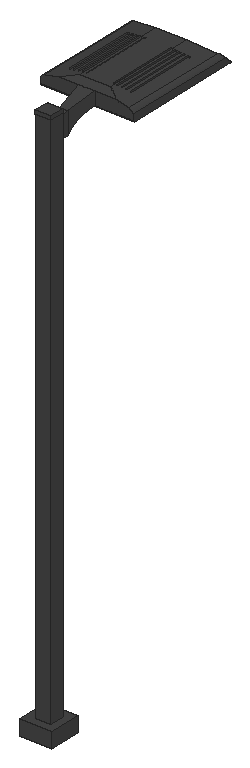
Revit family "ALT180", category Lighting Fixtures, Revit 2014
Parameters (values of type "ALT180")
  Width = 14.00"
  Wattage Comments = "214W"
  Voltage = 277 V
  URL = "https://www.hubbell.com/kimlighting/en"
  Type Comments = "Lighting Fixture"  # constant formula
  Series = "Altitude"  # constant formula
  Product Page URL = "https://www.hubbell.com/kimlighting/en/Products/Lighting-Controls/Commercial-Outdoor-Lighting/Area-Site-Roadway/Altitude/p/248453"
  Product Documentation Link = "https://hubbellcdn.com/specsheet/kl_alt180_spec.pdf"
  Power Factor = 1
  Pole Width = 4.00"
  Pole Height [instance] = 150.00"
  Pole = yes
  Photometric Web Link = "https://www.hubbell.com/kimlighting/en/Products/Lighting-Controls/Commercial-Outdoor-Lighting/Area-Site-Roadway/Altitude/p/248453#prod-photometry-section"
  Photometric Notes = "More IES files download on Photometric Web Link"  # constant formula
  Offset From Pole = 6.12"
  Number of Poles = 1
  Model = "ALT180"
  Manufacturer = "KIM Lighting"  # constant formula
  Light source [instance] = Pole Height - 3.50"  # 146.50"
  Lens = Glass - Hubbell -  Lens
  Lamp = "default"
  LED = Powder Coat-Kim-Platinum Silver
  Fixture Height = 7.50"
  Finish = Plastic - Hubbell - Black
  Description = "The ALTITUDE® is the ultimate in luminaire design innovation with a unique balance of form, engineering and superior optics. The low-profile housing is proportional and scalable with three sizes to cover more pedestrian/site/roadway environments than ever before. The result is an architecturally relevant luminaire of unsurpassed quality and flexibility that maximizes the power and performance."  # constant formula
  Depth = 18.44"
  Certifications = "UL Listed"
  Center Width = 3.00"
  Assembly Code = "D5020200"
  Apparent Load = 214 VA
Reference planes (in)
  plane 1 "Light Source Axis (F/B)": y = 0
  plane 2: z = 0
  plane 3 "Light Source Axis (L/R)": x = 1.5
  plane 4 "Light Source Elevation": z = 146.5
  plane 5 "Back": y = -15.34
Dimensions and locks (in)
  "Light source": plane 4 "Light Source Elevation" to plane 2
  aligned and locked: nested 1 to plane 3 "Light Source Axis (L/R)"
  aligned and locked: nested 1 to plane 5 "Back"
  aligned and locked: plane 4 "Light Source Elevation" to nested 2
Nested families (in)
  nested 1: "Kim_Lighting-Square_Pole" at (1.5, -17.34, 0) x (-1, 0, 0) z (0, 0, 1), visible <- "Pole", type "Kim_Lighting-Square_Pole"
    with Width 4.00", Height 150.00", Base Cover 8.625"
  nested 2: "ALT" at (0.24657, -15.34, 142.58501) x (-1, 0, 0) z (0, 1, 0), type "ALT"
Connectors (in)
  electrical at (1.5, -15.34, 18), driven by "Power Factor", driven by "Apparent Load", driven by "Apparent Load", driven by "Voltage", driven by "Number of Poles"
    settings: on nested 1, index 1, voltage 277 V, apparent load 214 VA, apparent load phase1 214 VA, apparent load phase2 0 VA, apparent load phase3 0 VA, power factor 1, load classification "Lighting", number of poles 1, system type 30, power factor state 1, is connector primary yes, connector utility no, sub classification motor no, connector description "Lighting Connector"
Definition of nested family "Kim_Lighting-Square_Pole"
  Parameters
    Width = 5.00"
    URL = "http://www.kimlighting.com/"
    Type Comments = "Non-Tapered Pole"
    Model = "Square Pole"  # constant formula
    Manufacturer = "KIM Lighting"  # constant formula
    Height = 240.00"
    Finish = none
    Base Cover = if(Width = 5.00", 12.625", 8.625")  # 12.625"
  Reference planes (in)
    plane 1 "Center (Front/Back)": y = 0
    plane 2: z = 0
    plane 3 "Center (Left/Right)": x = 0
    plane 4 "Front": y = -2.5
    plane 5 "Left": x = -2.5
    plane 6 "Right": x = 2.5
    plane 7 "Back": y = 2.5
    plane 8 "Top": z = 240
    plane 9: x = -6.3125
    plane 10: x = 6.3125
    plane 11: y = 6.3125
    plane 12: y = -6.3125
    plane 13: z = 18
  Forms (in)
    Extrusion 1, solid, material <- "Finish"
      sketch origin (0, 0, 0) x (1, 0, 0) y (0, 1, 0)
        loop
          line (-2.5, -2.5) -> (2.5, -2.5) -> (2.5, 2.5) -> (-2.5, 2.5) -> (-2.5, -2.5)
      from 0 to 240
    Extrusion 2, solid, material <- "Finish", detail levels medium+fine
      sketch origin (0, 0, 0) x (1, 0, 0) y (0, 1, 0)
        loop
          line (-6.3125, -6.3125) -> (6.3125, -6.3125) -> (6.3125, 6.3125) -> (-6.3125, 6.3125) -> (-6.3125, -6.3125)
        loop
          line (-2.5, -2.5) -> (2.5, -2.5) -> (2.5, 2.5) -> (-2.5, 2.5) -> (-2.5, -2.5)
      from 0 to 4
    Extrusion 3, solid, material <- "Finish", detail levels fine
      sketch origin (0, 0, 0) x (1, 0, 0) y (0, 0, 1)
        loop
          line (-1.5, 15) -> (1.5, 15) -> (1.5, 21) -> (-1.5, 21) -> (-1.5, 15)
      from 2.5 to 2.5625
    Extrusion 4, solid, material <- "Finish", detail levels fine
      sketch origin (0, 0, 240) x (-1, 0, 0) y (0, -1, 0)
        loop
          line (2.5625, 2.5625) -> (-2.5625, 2.5625) -> (-2.5625, -2.5625) -> (2.5625, -2.5625) -> (2.5625, 2.5625)
      from 0.10394 to -0.89606
  Lines and regions (in)
    Masking region 1
      outline origin (0, 0, 0) x (1, 0, 0) y (0, 0, 1)
        loop
          line (-2.5, 0) -> (2.5, 0) -> (2.5, 240) -> (-2.5, 240) -> (-2.5, 0)
    Masking region 2, detail levels medium+fine
      outline origin (0, 0, 0) x (1, 0, 0) y (0, 0, 1)
        loop
          line (-6.3125, 0) -> (6.3125, 0) -> (6.3125, 4) -> (-6.3125, 4) -> (-6.3125, 0)
    Masking region 3, detail levels fine
      outline origin (0, 0, 0) x (1, 0, 0) y (0, 0, 1)
        loop
          line (-2.5625, 239.10394) -> (2.5625, 239.10394) -> (2.5625, 240.10394) -> (-2.5625, 240.10394) -> (-2.5625, 239.10394)
    Masking region 4
      outline origin (0, 0, 0) x (0, 1, 0) y (0, 0, 1)
        loop
          line (2.5, 0) -> (2.5, 240) -> (-2.5, 240) -> (-2.5, 0) -> (2.5, 0)
    Masking region 5, detail levels medium+fine
      outline origin (0, 0, 0) x (0, 1, 0) y (0, 0, 1)
        loop
          line (6.3125, 0) -> (6.3125, 4) -> (-6.3125, 4) -> (-6.3125, 0) -> (6.3125, 0)
    Masking region 6, detail levels fine
      outline origin (0, 0, 0) x (0, 1, 0) y (0, 0, 1)
        loop
          line (2.5625, 239.10394) -> (2.5625, 240.10394) -> (-2.5625, 240.10394) -> (-2.5625, 239.10394) -> (2.5625, 239.10394)
    Masking region 7, detail levels medium+fine
      outline origin (0, 0, 0) x (1, 0, 0) y (0, 1, 0)
        loop
          line (-6.3125, -6.3125) -> (6.3125, -6.3125) -> (6.3125, 6.3125) -> (-6.3125, 6.3125) -> (-6.3125, -6.3125)
        loop
          line (-2.5, -2.5) -> (2.5, -2.5) -> (2.5, 2.5) -> (-2.5, 2.5) -> (-2.5, -2.5)
    Masking region 8
      outline origin (0, 0, 0) x (1, 0, 0) y (0, 1, 0)
        loop
          line (-2.5, -2.5) -> (2.5, -2.5) -> (2.5, 2.5) -> (-2.5, 2.5) -> (-2.5, -2.5)
    symbolic lines, detail levels fine
      curve 1: line (-1.5, 0, 15) -> (1.5, 0, 15)
      curve 2: line (-1.5, 0, 21) -> (-1.5, 0, 15)
      curve 3: line (1.5, 0, 21) -> (-1.5, 0, 21)
      curve 4: line (1.5, 0, 15) -> (1.5, 0, 21)
  Dimensions and locks (in)
    equal spacing: plane 7 "Back", plane 1 "Center (Front/Back)", plane 4 "Front"
    equal spacing: plane 5 "Left", plane 3 "Center (Left/Right)", plane 6 "Right"
    "Width": plane 7 "Back" to plane 4 "Front"
    "Width": plane 5 "Left" to plane 6 "Right"
    plane 3 "Center (Left/Right)" to Extrusion 1 = 2.50"
    "Height": plane 8 "Top" to level
    equal spacing: plane 11, plane 1 "Center (Front/Back)", plane 12
    "Base Cover": plane 11 to plane 12
    equal spacing: plane 9, plane 3 "Center (Left/Right)", plane 10
    "Base Cover": plane 9 to plane 10
    locked: Extrusion 2 to level at 4
    locked: plane 13 to level at 18
    Extrusion 3 sketch curve to plane 13 to Extrusion 3 sketch curve = 3.00" locked, 3.00" locked
    Extrusion 3 sketch curve to plane 3 "Center (Left/Right)" to Extrusion 3 sketch curve = 1.50" locked, 1.50" locked
    locked: plane 4 "Front" to Extrusion 3 at 0.0625
    Extrusion 4 to plane 8 "Top" to Extrusion 4 = 0.10394" locked, 0.89606" locked
    aligned and locked: plane 5 "Left" to Extrusion 1 sketch curve
    aligned and locked: Extrusion 1 sketch curve to plane 4 "Front"
    aligned and locked: plane 7 "Back" to Extrusion 1 sketch curve
    aligned and locked: Extrusion 1 sketch curve to plane 6 "Right"
    aligned and locked: plane 8 "Top" to Extrusion 1
    aligned and locked: plane 9 to Extrusion 2 sketch curve
    aligned and locked: Extrusion 2 sketch curve to plane 12
    aligned and locked: plane 11 to Extrusion 2 sketch curve
    aligned and locked: Extrusion 2 sketch curve to plane 10
    aligned and locked: Extrusion 1 to Extrusion 2 sketch curve
    aligned and locked: Extrusion 2 sketch curve to Extrusion 1  (x3)
    aligned and locked: plane 4 "Front" to Extrusion 3
    aligned: plane 8 "Top" to Extrusion 4
    aligned and locked: Masking region 1 sketch curve to Extrusion 1  (x2)
    aligned and locked: plane 8 "Top" to Masking region 1 sketch curve
    aligned and locked: Masking region 1 sketch curve to plane 6 "Right"
    aligned and locked: Masking region 2 sketch curve to Extrusion 2  (x2)
    aligned and locked: Extrusion 2 to Masking region 2 sketch curve
    aligned and locked: Masking region 2 sketch curve to plane 10
    aligned and locked: Extrusion 3 to curve 1
    aligned and locked: curve 1 to Extrusion 3
    aligned and locked: curve 4 to Extrusion 3  (x2)
    aligned and locked: Masking region 3 sketch curve to Extrusion 4  (x3)
    aligned and locked: Extrusion 4 to Masking region 3 sketch curve
    aligned and locked: Masking region 4 sketch curve to Extrusion 1  (x3)
    aligned and locked: Extrusion 1 to Masking region 4 sketch curve
    aligned and locked: Masking region 5 sketch curve to Extrusion 2  (x3)
    aligned and locked: Extrusion 2 to Masking region 5 sketch curve
    aligned and locked: Masking region 6 sketch curve to Extrusion 4  (x3)
    aligned and locked: Extrusion 4 to Masking region 6 sketch curve
    aligned and locked: Extrusion 2 to Masking region 7 sketch curve
    aligned and locked: Masking region 7 sketch curve to Extrusion 2  (x3)
    aligned and locked: Extrusion 1 to Masking region 8 sketch curve
    aligned and locked: Masking region 8 sketch curve to Extrusion 1  (x3)
    aligned and locked: Extrusion 1 to Masking region 7 sketch curve
    aligned and locked: Masking region 7 sketch curve to Extrusion 1  (x3)
  Automatic sketch dimensions
    Extrusion 4 sketch curve to plane 6 "Right" = 0.0625"
    plane 5 "Left" to Extrusion 4 sketch curve = 0.0625"
    plane 7 "Back" to Extrusion 4 sketch curve = 0.0625"
    Extrusion 4 sketch curve to plane 4 "Front" = 0.0625"
Definition of nested family "ALT"
  Parameters (values of type "ALT")
    Wattage Comments = "70W"
    Wattage = 213 W
    built-in parameter 1150110 = 1 (stored number, unit not read)
    Voltage = 120 V
    URL = "http://www.kimlighting.com/"
    built-in parameter 1114217 = 1 (stored number, unit not read)
    Tilt Angle = 0.00°
    built-in parameter 1150109 = 1 (stored number, unit not read)
    built-in parameter 1150134 = 3
    built-in parameter 1150113 = 1 (stored number, unit not read)
    Product Page URL = "http://www.kimlighting.com/products/altitude/"
    Photometric Web File = "alt4p35-180l5k-nfo.ies"
    Model = "ALT"  # constant formula
    Manufacturer = "Kim Lighting"  # constant formula
    built-in parameter 1150105 = 1339.1 (stored number, unit not read)
    Lumens = 16827 lm
    built-in parameter 1150115 = 1 (stored number, unit not read)
    Load Classification = Lighting
    built-in parameter 1150137 = (empty or 0)
    built-in parameter 1150139 = (empty or 0)
    built-in parameter 1150112 = 1 (stored number, unit not read)
    built-in parameter 1150114 = 1 (stored number, unit not read)
    Lamp = " 60 LEDs"  # constant formula
    LED Driver = none
    built-in parameter 1150132 = (empty or 0)
    built-in parameter 1150102 = (empty or 0)
    built-in parameter 1150107 = 3200 (stored number, unit not read)
    built-in parameter 1150138 = (empty or 0)
    built-in parameter 1150106 = 13.391 (stored number, unit not read)
    Glass Material = Glass - Hubbell -  Lens
    Glass = Glass - Hubbell -  Lens
    built-in parameter 1150104 = 7.3393 (stored number, unit not read)
    Dimming Lamp Color Temperature Shift = (empty or 0)
    Description = "The ultimate in LED luminaire design featuring innovative engineering, thermal management and unique patented1 PicoPrism optics"  # constant formula
    Default Elevation = 48.00"
    Connector Description = "Lighting"  # constant formula
    Color Filter = 16777215
    built-in parameter 1114218 = 1 (stored number, unit not read)
    Backbox = Plastic - Hubbell - Black
    built-in parameter 1150133 = 10 (stored number, unit not read)
    Apparent Load = 0 VA
  Reference planes (in)
    plane 1 "Center (Front/Back)": y = 0.03999
    plane 2: z = 0
    plane 3 "Center (Left/Right)": x = -2.04767
    plane 4: y = 3.91499
    plane 5: y = 8.03999
    plane 6: z = 2
    plane 7: z = 9.75
    plane 8: y = 4.41499
    plane 9: z = 21.375
    plane 10: z = 42.25
    plane 11: x = -14.54767
    plane 12: x = 10.45233
  Forms (in)
    Extrusion 1, solid
      sketch origin (0, 0, 0.06357) x (1, 0, 0) y (0, 1, 0)
        loop
          line (-48, 48) -> (-48, -48) -> (44.30817, -48) -> (44.30817, 48) -> (-48, 48)
      from -0.06357 to -6.74357
    Extrusion 2, solid, material "Plastic - Hubbell - Black" <- "Backbox"
      sketch origin (-2.04767, 0, 0) x (0, 1, 0) y (0, 0, 1)
        loop
          line (3.91499, 10.1309) -> (4.2959, 9.75) -> (7.67966, 9.75)
          arc (7.67966, 9.75) -> (7.87824, 11.2487) -> (8.038, 12.75203) r 58.45778
          line (8.038, 12.75203) -> (8.038, 38.37777) -> (4.21269, 42.20506)
          arc (4.21269, 42.20506) -> (4.02265, 42.2429) -> (3.91499, 42.0818) r 0.17437
          line (3.91499, 42.0818) -> (3.91499, 10.1309)
      from -12.5 to 12.5
    Extrusion 3, solid, material "Plastic - Hubbell - Black" <- "Backbox"
      sketch origin (-2.04767, 0, 0) x (0, 1, 0) y (0, 0, 1)
        loop
          arc (6.00731, 2) -> (6.97503, 5.84662) -> (7.67966, 9.75) r 58.45778
          line (7.67966, 9.75) -> (4.2959, 9.75)
          arc (4.2959, 9.75) -> (2.99944, 5.41838) -> (0.03999, 2) r 10.77544
          line (0.03999, 2) -> (6.00731, 2)
      from -8.5 to 8.5
    Extrusion 4, solid, material "Plastic - Hubbell - Black" <- "Backbox"
      sketch origin (-2.04767, 0, 0) x (0, 1, 0) y (0, 0, 1)
        loop
          arc (5.39238, 0) -> (5.7088, 0.99725) -> (6.00731, 2) r 58.45778
          line (6.00731, 2) -> (0.03999, 2) -> (0.03999, 0) -> (5.39238, 0)
      from -8.5 to 8.5
    Extrusion 5, void
      sketch origin (0, 0.03999, 0) x (1, 0, 0) y (0, 0, 1)
        loop
          line (0.04152, 9.75) -> (-1.04767, 2) -> (-1.04767, 0) -> (6.45233, 0) -> (6.45233, 9.75) -> (0.04152, 9.75)
        loop
          line (-4.13686, 9.75) -> (-10.54767, 9.75) -> (-10.54767, 0) -> (-3.04767, 0) -> (-3.04767, 2) -> (-4.13686, 9.75)
      from -8 to 0
    Extrusion 6, void
      sketch origin (0, 0.03999, 0) x (1, 0, 0) y (0, 0, 1)
        loop
          line (7.93508, 35) -> (-11.84038, 35) -> (-11.84038, 15.5673) -> (7.93508, 15.5673) -> (7.93508, 35)
      from -5.63501 to -3.875
    Extrusion 7, solid, material "Glass - Hubbell -  Lens" <- "Glass"
      sketch origin (-2.04767, 0, 0) x (0, 1, 0) y (0, 0, 1)
        loop
          line (3.91499, 15.5673) -> (4.41499, 15.5673) -> (4.41499, 35) -> (3.91499, 35) -> (3.91499, 15.5673)
      from -9.79271 to 9.98275
    Extrusion 8, void
      sketch origin (-2.4276, 0.40583, 0) x (-0.98729, -0.158926, 0) y (0, 0, -1)
        loop
          line (3.2306, -33.65381) -> (3.2306, -14.40381) -> (2.7306, -14.40381) -> (2.7306, -33.65381) -> (3.2306, -33.65381)
        loop
          line (4.3556, -33.65381) -> (4.3556, -14.40381) -> (3.8556, -14.40381) -> (3.8556, -33.65381) -> (4.3556, -33.65381)
        loop
          line (5.6056, -33.65381) -> (5.6056, -14.40381) -> (5.1056, -14.40381) -> (5.1056, -33.65381) -> (5.6056, -33.65381)
        loop
          line (6.7306, -33.65381) -> (6.7306, -14.40381) -> (6.2306, -14.40381) -> (6.2306, -33.65381) -> (6.7306, -33.65381)
        loop
          line (2.2306, -33.65381) -> (2.2306, -14.40381) -> (1.7306, -14.40381) -> (1.7306, -33.65381) -> (2.2306, -33.65381)
      from -9.06872 to -7.24417
    Extrusion 9, solid, material <- "LED Driver"
      sketch origin (5.47397, -179.89764, 22.76642) x (0, 0, -1) y (0, -1, 0)
        loop
          line (6.05585, -185.56694) -> (7.01439, -185.56694)
          arc (7.01439, -185.56694) -> (6.96846, -185.03619) -> (6.75322, -184.54888) r 1.62363
          line (6.75322, -184.54888) -> (5.5006, -184.54888)
          arc (5.5006, -184.54888) -> (5.87786, -185.00357) -> (6.05585, -185.56694) r 1.53777
      from 1.98786 to 4.1619
    Extrusion 10, solid, material "Glass - Hubbell -  Lens" <- "Glass Material"
      sketch origin (-2.09746, -172.92664, 68.39877) x (-0.000372, 0.978148, -0.207911) y (-0.999998, 0, 0.001789)
        loop
          line (184.54888, -5.42074) -> (184.54888, -4.67074) -> (184.41762, -4.80201) -> (184.32071, -4.70511)
          arc (184.32071, -4.70511) -> (184.26716, -5.04574) -> (184.32071, -5.38637) r 1.11021
          line (184.32071, -5.38637) -> (184.41762, -5.28947) -> (184.54888, -5.42074)
        loop
          line (184.54888, -3.8381) -> (184.41038, -3.9766) -> (184.30814, -3.87436)
          arc (184.30814, -3.87436) -> (184.25164, -4.23376) -> (184.30814, -4.59316) r 1.17138
          line (184.30814, -4.59316) -> (184.41038, -4.49092) -> (184.54888, -4.62942) -> (184.54888, -3.8381)
      from -14.15361 to -13.40215
    Extrusion 11, solid, material <- "LED Driver"
      sketch origin (7.898, -179.89764, 22.76642) x (0, 0, -1) y (0, -1, 0)
        loop
          line (6.05585, -185.56694) -> (7.01439, -185.56694)
          arc (7.01439, -185.56694) -> (6.96846, -185.03619) -> (6.75322, -184.54888) r 1.62363
          line (6.75322, -184.54888) -> (5.5006, -184.54888)
          arc (5.5006, -184.54888) -> (5.87786, -185.00357) -> (6.05585, -185.56694) r 1.53777
      from 1.98786 to 4.1619
    Extrusion 12, solid, material "Glass - Hubbell -  Lens" <- "Glass Material"
      sketch origin (0.32658, -172.92664, 68.39877) x (-0.000372, 0.978148, -0.207911) y (-0.999998, 0, 0.001789)
        loop
          line (184.54888, -5.42074) -> (184.54888, -4.67074) -> (184.41762, -4.80201) -> (184.32071, -4.70511)
          arc (184.32071, -4.70511) -> (184.26716, -5.04574) -> (184.32071, -5.38637) r 1.11021
          line (184.32071, -5.38637) -> (184.41762, -5.28947) -> (184.54888, -5.42074)
        loop
          line (184.54888, -3.8381) -> (184.41038, -3.9766) -> (184.30814, -3.87436)
          arc (184.30814, -3.87436) -> (184.25164, -4.23376) -> (184.30814, -4.59316) r 1.17138
          line (184.30814, -4.59316) -> (184.41038, -4.49092) -> (184.54888, -4.62942) -> (184.54888, -3.8381)
      from -14.15361 to -13.40215
    Extrusion 13, void
      sketch origin (0, 0, 1.5) x (1, 0, 0) y (0, 1, 0)
        loop
          arc (0.30732, 8.09817) -> (4.79575, 7.79186) -> (9.20349, 6.8909) r 33.72732
          arc (9.20349, 6.8909) -> (10.10724, 6.38776) -> (10.61661, 5.4875) r 1.91169
          line (10.61661, 5.4875) -> (10.61661, 9.16499) -> (0.30732, 9.16499) -> (0.30732, 8.09817)
        loop
          line (-4.40255, 8.07943) -> (-4.40255, 8.91607) -> (-14.67959, 8.91607) -> (-14.67959, 5.4875)
          arc (-14.67959, 5.4875) -> (-14.18719, 6.37248) -> (-13.3051, 6.87004) r 1.86653
          arc (-13.3051, 6.87004) -> (-8.89429, 7.77258) -> (-4.40255, 8.07943) r 33.71838
      from 7.75792 to 40.75
    Extrusion 14, solid, material <- "LED Driver"
      sketch origin (-4.19739, -179.89764, 24.97483) x (0.866025, 0, -0.5) y (0, -1, 0)
        loop
          line (6.05585, -185.56694) -> (7.01439, -185.56694)
          arc (7.01439, -185.56694) -> (6.96846, -185.03619) -> (6.75322, -184.54888) r 1.62363
          line (6.75322, -184.54888) -> (5.5006, -184.54888)
          arc (5.5006, -184.54888) -> (5.87786, -185.00357) -> (6.05585, -185.56694) r 1.53777
      from 1.98786 to 4.1619
    Extrusion 15, solid, material "Glass - Hubbell -  Lens" <- "Glass Material"
      sketch origin (-47.50188, -172.92664, 41.23396) x (0.179871, 0.978148, -0.104278) y (-0.501549, 0, -0.865129)
        loop
          line (184.54888, -5.42074) -> (184.54888, -4.67074) -> (184.41762, -4.80201) -> (184.32071, -4.70511)
          arc (184.32071, -4.70511) -> (184.26716, -5.04574) -> (184.32071, -5.38637) r 1.11021
          line (184.32071, -5.38637) -> (184.41762, -5.28947) -> (184.54888, -5.42074)
        loop
          line (184.54888, -3.8381) -> (184.41038, -3.9766) -> (184.30814, -3.87436)
          arc (184.30814, -3.87436) -> (184.25164, -4.23376) -> (184.30814, -4.59316) r 1.17138
          line (184.30814, -4.59316) -> (184.41038, -4.49092) -> (184.54888, -4.62942) -> (184.54888, -3.8381)
      from -14.15361 to -13.40215
    Extrusion 16, void
      sketch origin (-1.66774, 0.40583, 0) x (0.98729, -0.158926, 0) y (0, 0, 1)
        loop
          line (3.2306, 33.65381) -> (2.7306, 33.65381) -> (2.7306, 14.40381) -> (3.2306, 14.40381) -> (3.2306, 33.65381)
        loop
          line (4.3556, 33.65381) -> (3.8556, 33.65381) -> (3.8556, 14.40381) -> (4.3556, 14.40381) -> (4.3556, 33.65381)
        loop
          line (5.6056, 33.65381) -> (5.1056, 33.65381) -> (5.1056, 14.40381) -> (5.6056, 14.40381) -> (5.6056, 33.65381)
        loop
          line (6.7306, 33.65381) -> (6.2306, 33.65381) -> (6.2306, 14.40381) -> (6.7306, 14.40381) -> (6.7306, 33.65381)
        loop
          line (2.2306, 33.65381) -> (1.7306, 33.65381) -> (1.7306, 14.40381) -> (2.2306, 14.40381) -> (2.2306, 33.65381)
      from -9.06872 to -7.24417
    Extrusion 17, solid, material <- "LED Driver"
      sketch origin (3.22397, -179.89764, 22.76642) x (0, 0, -1) y (0, -1, 0)
        loop
          line (6.05585, -185.56694) -> (7.01439, -185.56694)
          arc (7.01439, -185.56694) -> (6.96846, -185.03619) -> (6.75322, -184.54888) r 1.62363
          line (6.75322, -184.54888) -> (5.5006, -184.54888)
          arc (5.5006, -184.54888) -> (5.87786, -185.00357) -> (6.05585, -185.56694) r 1.53777
      from 1.98786 to 4.1619
    Extrusion 18, solid, material "Glass - Hubbell -  Lens" <- "Glass Material"
      sketch origin (-4.34746, -172.92664, 68.39877) x (-0.000372, 0.978148, -0.207911) y (-0.999998, 0, 0.001789)
        loop
          line (184.54888, -5.42074) -> (184.54888, -4.67074) -> (184.41762, -4.80201) -> (184.32071, -4.70511)
          arc (184.32071, -4.70511) -> (184.26716, -5.04574) -> (184.32071, -5.38637) r 1.11021
          line (184.32071, -5.38637) -> (184.41762, -5.28947) -> (184.54888, -5.42074)
        loop
          line (184.54888, -3.8381) -> (184.41038, -3.9766) -> (184.30814, -3.87436)
          arc (184.30814, -3.87436) -> (184.25164, -4.23376) -> (184.30814, -4.59316) r 1.17138
          line (184.30814, -4.59316) -> (184.41038, -4.49092) -> (184.54888, -4.62942) -> (184.54888, -3.8381)
      from -14.15361 to -13.40215
    Extrusion 19, solid, material <- "LED Driver"
      sketch origin (0.97397, -179.89764, 22.76642) x (0, 0, -1) y (0, -1, 0)
        loop
          line (6.05585, -185.56694) -> (7.01439, -185.56694)
          arc (7.01439, -185.56694) -> (6.96846, -185.03619) -> (6.75322, -184.54888) r 1.62363
          line (6.75322, -184.54888) -> (5.5006, -184.54888)
          arc (5.5006, -184.54888) -> (5.87786, -185.00357) -> (6.05585, -185.56694) r 1.53777
      from 1.98786 to 4.1619
    Extrusion 20, solid, material "Glass - Hubbell -  Lens" <- "Glass Material"
      sketch origin (-6.59746, -172.92664, 68.39877) x (-0.000372, 0.978148, -0.207911) y (-0.999998, 0, 0.001789)
        loop
          line (184.54888, -5.42074) -> (184.54888, -4.67074) -> (184.41762, -4.80201) -> (184.32071, -4.70511)
          arc (184.32071, -4.70511) -> (184.26716, -5.04574) -> (184.32071, -5.38637) r 1.11021
          line (184.32071, -5.38637) -> (184.41762, -5.28947) -> (184.54888, -5.42074)
        loop
          line (184.54888, -3.8381) -> (184.41038, -3.9766) -> (184.30814, -3.87436)
          arc (184.30814, -3.87436) -> (184.25164, -4.23376) -> (184.30814, -4.59316) r 1.17138
          line (184.30814, -4.59316) -> (184.41038, -4.49092) -> (184.54888, -4.62942) -> (184.54888, -3.8381)
      from -14.15361 to -13.40215
    Extrusion 21, solid, material <- "LED Driver"
      sketch origin (-9.56931, -179.89764, 22.76642) x (0, 0, -1) y (0, 1, 0)
        loop
          arc (6.05585, 185.56694) -> (5.87786, 185.00357) -> (5.5006, 184.54888) r 1.53777
          line (5.5006, 184.54888) -> (6.75322, 184.54888)
          arc (6.75322, 184.54888) -> (6.96846, 185.03619) -> (7.01439, 185.56694) r 1.62363
          line (7.01439, 185.56694) -> (6.05585, 185.56694)
      from 1.98786 to 4.1619
    Extrusion 22, solid, material "Glass - Hubbell -  Lens" <- "Glass Material"
      sketch origin (-1.99788, -172.92664, 68.39877) x (0.000372, 0.978148, -0.207911) y (-0.999998, 0, -0.001789)
        loop
          line (184.54888, 5.42074) -> (184.41762, 5.28947) -> (184.32071, 5.38637)
          arc (184.32071, 5.38637) -> (184.26716, 5.04574) -> (184.32071, 4.70511) r 1.11021
          line (184.32071, 4.70511) -> (184.41762, 4.80201) -> (184.54888, 4.67074) -> (184.54888, 5.42074)
        loop
          line (184.54888, 3.8381) -> (184.54888, 4.62942) -> (184.41038, 4.49092) -> (184.30814, 4.59316)
          arc (184.30814, 4.59316) -> (184.25164, 4.23376) -> (184.30814, 3.87436) r 1.17138
          line (184.30814, 3.87436) -> (184.41038, 3.9766) -> (184.54888, 3.8381)
      from -14.15361 to -13.40215
    Extrusion 23, solid, material <- "LED Driver"
      sketch origin (-11.99334, -179.89764, 22.76642) x (0, 0, -1) y (0, 1, 0)
        loop
          arc (6.05585, 185.56694) -> (5.87786, 185.00357) -> (5.5006, 184.54888) r 1.53777
          line (5.5006, 184.54888) -> (6.75322, 184.54888)
          arc (6.75322, 184.54888) -> (6.96846, 185.03619) -> (7.01439, 185.56694) r 1.62363
          line (7.01439, 185.56694) -> (6.05585, 185.56694)
      from 1.98786 to 4.1619
    Extrusion 24, solid, material "Glass - Hubbell -  Lens" <- "Glass Material"
      sketch origin (-4.42192, -172.92664, 68.39877) x (0.000372, 0.978148, -0.207911) y (-0.999998, 0, -0.001789)
        loop
          line (184.54888, 5.42074) -> (184.41762, 5.28947) -> (184.32071, 5.38637)
          arc (184.32071, 5.38637) -> (184.26716, 5.04574) -> (184.32071, 4.70511) r 1.11021
          line (184.32071, 4.70511) -> (184.41762, 4.80201) -> (184.54888, 4.67074) -> (184.54888, 5.42074)
        loop
          line (184.54888, 3.8381) -> (184.54888, 4.62942) -> (184.41038, 4.49092) -> (184.30814, 4.59316)
          arc (184.30814, 4.59316) -> (184.25164, 4.23376) -> (184.30814, 3.87436) r 1.17138
          line (184.30814, 3.87436) -> (184.41038, 3.9766) -> (184.54888, 3.8381)
      from -14.15361 to -13.40215
    Extrusion 25, solid, material <- "LED Driver"
      sketch origin (-7.31931, -179.89764, 22.76642) x (0, 0, -1) y (0, 1, 0)
        loop
          arc (6.05585, 185.56694) -> (5.87786, 185.00357) -> (5.5006, 184.54888) r 1.53777
          line (5.5006, 184.54888) -> (6.75322, 184.54888)
          arc (6.75322, 184.54888) -> (6.96846, 185.03619) -> (7.01439, 185.56694) r 1.62363
          line (7.01439, 185.56694) -> (6.05585, 185.56694)
      from 1.98786 to 4.1619
    Extrusion 26, solid, material "Glass - Hubbell -  Lens" <- "Glass Material"
      sketch origin (0.25212, -172.92664, 68.39877) x (0.000372, 0.978148, -0.207911) y (-0.999998, 0, -0.001789)
        loop
          line (184.54888, 5.42074) -> (184.41762, 5.28947) -> (184.32071, 5.38637)
          arc (184.32071, 5.38637) -> (184.26716, 5.04574) -> (184.32071, 4.70511) r 1.11021
          line (184.32071, 4.70511) -> (184.41762, 4.80201) -> (184.54888, 4.67074) -> (184.54888, 5.42074)
        loop
          line (184.54888, 3.8381) -> (184.54888, 4.62942) -> (184.41038, 4.49092) -> (184.30814, 4.59316)
          arc (184.30814, 4.59316) -> (184.25164, 4.23376) -> (184.30814, 3.87436) r 1.17138
          line (184.30814, 3.87436) -> (184.41038, 3.9766) -> (184.54888, 3.8381)
      from -14.15361 to -13.40215
    Extrusion 27, solid, material <- "LED Driver"
      sketch origin (-2.08393, -179.89764, 24.97483) x (0.866025, 0, -0.5) y (0, -1, 0)
        loop
          line (6.05585, -185.56694) -> (7.01439, -185.56694)
          arc (7.01439, -185.56694) -> (6.96846, -185.03619) -> (6.75322, -184.54888) r 1.62363
          line (6.75322, -184.54888) -> (5.5006, -184.54888)
          arc (5.5006, -184.54888) -> (5.87786, -185.00357) -> (6.05585, -185.56694) r 1.53777
      from 1.98786 to 4.1619
    Extrusion 28, solid, material "Glass - Hubbell -  Lens" <- "Glass Material"
      sketch origin (-45.38842, -172.92664, 41.23396) x (0.179871, 0.978148, -0.104278) y (-0.501549, 0, -0.865129)
        loop
          line (184.54888, -5.42074) -> (184.54888, -4.67074) -> (184.41762, -4.80201) -> (184.32071, -4.70511)
          arc (184.32071, -4.70511) -> (184.26716, -5.04574) -> (184.32071, -5.38637) r 1.11021
          line (184.32071, -5.38637) -> (184.41762, -5.28947) -> (184.54888, -5.42074)
        loop
          line (184.54888, -3.8381) -> (184.41038, -3.9766) -> (184.30814, -3.87436)
          arc (184.30814, -3.87436) -> (184.25164, -4.23376) -> (184.30814, -4.59316) r 1.17138
          line (184.30814, -4.59316) -> (184.41038, -4.49092) -> (184.54888, -4.62942) -> (184.54888, -3.8381)
      from -14.15361 to -13.40215
    Extrusion 29, solid, material <- "LED Driver"
      sketch origin (0.17988, -179.89764, 24.97483) x (0.866025, 0, -0.5) y (0, -1, 0)
        loop
          line (6.05585, -185.56694) -> (7.01439, -185.56694)
          arc (7.01439, -185.56694) -> (6.96846, -185.03619) -> (6.75322, -184.54888) r 1.62363
          line (6.75322, -184.54888) -> (5.5006, -184.54888)
          arc (5.5006, -184.54888) -> (5.87786, -185.00357) -> (6.05585, -185.56694) r 1.53777
      from 1.98786 to 4.1619
    Extrusion 30, solid, material "Glass - Hubbell -  Lens" <- "Glass Material"
      sketch origin (-43.12461, -172.92664, 41.23396) x (0.179871, 0.978148, -0.104278) y (-0.501549, 0, -0.865129)
        loop
          line (184.54888, -5.42074) -> (184.54888, -4.67074) -> (184.41762, -4.80201) -> (184.32071, -4.70511)
          arc (184.32071, -4.70511) -> (184.26716, -5.04574) -> (184.32071, -5.38637) r 1.11021
          line (184.32071, -5.38637) -> (184.41762, -5.28947) -> (184.54888, -5.42074)
        loop
          line (184.54888, -3.8381) -> (184.41038, -3.9766) -> (184.30814, -3.87436)
          arc (184.30814, -3.87436) -> (184.25164, -4.23376) -> (184.30814, -4.59316) r 1.17138
          line (184.30814, -4.59316) -> (184.41038, -4.49092) -> (184.54888, -4.62942) -> (184.54888, -3.8381)
      from -14.15361 to -13.40215
    Extrusion 31, solid, material <- "LED Driver"
      sketch origin (-4.19739, -179.89764, 27.97483) x (0.866025, 0, -0.5) y (0, -1, 0)
        loop
          line (6.05585, -185.56694) -> (7.01439, -185.56694)
          arc (7.01439, -185.56694) -> (6.96846, -185.03619) -> (6.75322, -184.54888) r 1.62363
          line (6.75322, -184.54888) -> (5.5006, -184.54888)
          arc (5.5006, -184.54888) -> (5.87786, -185.00357) -> (6.05585, -185.56694) r 1.53777
      from 1.98786 to 4.1619
    Extrusion 32, solid, material "Glass - Hubbell -  Lens" <- "Glass Material"
      sketch origin (-47.50188, -172.92664, 44.23396) x (0.179871, 0.978148, -0.104278) y (-0.501549, 0, -0.865129)
        loop
          line (184.54888, -5.42074) -> (184.54888, -4.67074) -> (184.41762, -4.80201) -> (184.32071, -4.70511)
          arc (184.32071, -4.70511) -> (184.26716, -5.04574) -> (184.32071, -5.38637) r 1.11021
          line (184.32071, -5.38637) -> (184.41762, -5.28947) -> (184.54888, -5.42074)
        loop
          line (184.54888, -3.8381) -> (184.41038, -3.9766) -> (184.30814, -3.87436)
          arc (184.30814, -3.87436) -> (184.25164, -4.23376) -> (184.30814, -4.59316) r 1.17138
          line (184.30814, -4.59316) -> (184.41038, -4.49092) -> (184.54888, -4.62942) -> (184.54888, -3.8381)
      from -14.15361 to -13.40215
    Extrusion 33, solid, material <- "LED Driver"
      sketch origin (-2.08393, -179.89764, 27.97483) x (0.866025, 0, -0.5) y (0, -1, 0)
        loop
          line (6.05585, -185.56694) -> (7.01439, -185.56694)
          arc (7.01439, -185.56694) -> (6.96846, -185.03619) -> (6.75322, -184.54888) r 1.62363
          line (6.75322, -184.54888) -> (5.5006, -184.54888)
          arc (5.5006, -184.54888) -> (5.87786, -185.00357) -> (6.05585, -185.56694) r 1.53777
      from 1.98786 to 4.1619
    Extrusion 34, solid, material "Glass - Hubbell -  Lens" <- "Glass Material"
      sketch origin (-45.38842, -172.92664, 44.23396) x (0.179871, 0.978148, -0.104278) y (-0.501549, 0, -0.865129)
        loop
          line (184.54888, -5.42074) -> (184.54888, -4.67074) -> (184.41762, -4.80201) -> (184.32071, -4.70511)
          arc (184.32071, -4.70511) -> (184.26716, -5.04574) -> (184.32071, -5.38637) r 1.11021
          line (184.32071, -5.38637) -> (184.41762, -5.28947) -> (184.54888, -5.42074)
        loop
          line (184.54888, -3.8381) -> (184.41038, -3.9766) -> (184.30814, -3.87436)
          arc (184.30814, -3.87436) -> (184.25164, -4.23376) -> (184.30814, -4.59316) r 1.17138
          line (184.30814, -4.59316) -> (184.41038, -4.49092) -> (184.54888, -4.62942) -> (184.54888, -3.8381)
      from -14.15361 to -13.40215
    Extrusion 35, solid, material <- "LED Driver"
      sketch origin (0.17988, -179.89764, 27.97483) x (0.866025, 0, -0.5) y (0, -1, 0)
        loop
          line (6.05585, -185.56694) -> (7.01439, -185.56694)
          arc (7.01439, -185.56694) -> (6.96846, -185.03619) -> (6.75322, -184.54888) r 1.62363
          line (6.75322, -184.54888) -> (5.5006, -184.54888)
          arc (5.5006, -184.54888) -> (5.87786, -185.00357) -> (6.05585, -185.56694) r 1.53777
      from 1.98786 to 4.1619
    Extrusion 36, solid, material "Glass - Hubbell -  Lens" <- "Glass Material"
      sketch origin (-43.12461, -172.92664, 44.23396) x (0.179871, 0.978148, -0.104278) y (-0.501549, 0, -0.865129)
        loop
          line (184.54888, -5.42074) -> (184.54888, -4.67074) -> (184.41762, -4.80201) -> (184.32071, -4.70511)
          arc (184.32071, -4.70511) -> (184.26716, -5.04574) -> (184.32071, -5.38637) r 1.11021
          line (184.32071, -5.38637) -> (184.41762, -5.28947) -> (184.54888, -5.42074)
        loop
          line (184.54888, -3.8381) -> (184.41038, -3.9766) -> (184.30814, -3.87436)
          arc (184.30814, -3.87436) -> (184.25164, -4.23376) -> (184.30814, -4.59316) r 1.17138
          line (184.30814, -4.59316) -> (184.41038, -4.49092) -> (184.54888, -4.62942) -> (184.54888, -3.8381)
      from -14.15361 to -13.40215
    Extrusion 37, solid, material <- "LED Driver"
      sketch origin (-4.19739, -179.89764, 31.22483) x (0.866025, 0, -0.5) y (0, -1, 0)
        loop
          line (6.05585, -185.56694) -> (7.01439, -185.56694)
          arc (7.01439, -185.56694) -> (6.96846, -185.03619) -> (6.75322, -184.54888) r 1.62363
          line (6.75322, -184.54888) -> (5.5006, -184.54888)
          arc (5.5006, -184.54888) -> (5.87786, -185.00357) -> (6.05585, -185.56694) r 1.53777
      from 1.98786 to 4.1619
    Extrusion 38, solid, material "Glass - Hubbell -  Lens" <- "Glass Material"
      sketch origin (-47.50188, -172.92664, 47.48396) x (0.179871, 0.978148, -0.104278) y (-0.501549, 0, -0.865129)
        loop
          line (184.54888, -5.42074) -> (184.54888, -4.67074) -> (184.41762, -4.80201) -> (184.32071, -4.70511)
          arc (184.32071, -4.70511) -> (184.26716, -5.04574) -> (184.32071, -5.38637) r 1.11021
          line (184.32071, -5.38637) -> (184.41762, -5.28947) -> (184.54888, -5.42074)
        loop
          line (184.54888, -3.8381) -> (184.41038, -3.9766) -> (184.30814, -3.87436)
          arc (184.30814, -3.87436) -> (184.25164, -4.23376) -> (184.30814, -4.59316) r 1.17138
          line (184.30814, -4.59316) -> (184.41038, -4.49092) -> (184.54888, -4.62942) -> (184.54888, -3.8381)
      from -14.15361 to -13.40215
    Extrusion 39, solid, material <- "LED Driver"
      sketch origin (-2.08393, -179.89764, 31.22483) x (0.866025, 0, -0.5) y (0, -1, 0)
        loop
          line (6.05585, -185.56694) -> (7.01439, -185.56694)
          arc (7.01439, -185.56694) -> (6.96846, -185.03619) -> (6.75322, -184.54888) r 1.62363
          line (6.75322, -184.54888) -> (5.5006, -184.54888)
          arc (5.5006, -184.54888) -> (5.87786, -185.00357) -> (6.05585, -185.56694) r 1.53777
      from 1.98786 to 4.1619
    Extrusion 40, solid, material "Glass - Hubbell -  Lens" <- "Glass Material"
      sketch origin (-45.38842, -172.92664, 47.48396) x (0.179871, 0.978148, -0.104278) y (-0.501549, 0, -0.865129)
        loop
          line (184.54888, -5.42074) -> (184.54888, -4.67074) -> (184.41762, -4.80201) -> (184.32071, -4.70511)
          arc (184.32071, -4.70511) -> (184.26716, -5.04574) -> (184.32071, -5.38637) r 1.11021
          line (184.32071, -5.38637) -> (184.41762, -5.28947) -> (184.54888, -5.42074)
        loop
          line (184.54888, -3.8381) -> (184.41038, -3.9766) -> (184.30814, -3.87436)
          arc (184.30814, -3.87436) -> (184.25164, -4.23376) -> (184.30814, -4.59316) r 1.17138
          line (184.30814, -4.59316) -> (184.41038, -4.49092) -> (184.54888, -4.62942) -> (184.54888, -3.8381)
      from -14.15361 to -13.40215
    Extrusion 41, solid, material <- "LED Driver"
      sketch origin (0.17988, -179.89764, 31.22483) x (0.866025, 0, -0.5) y (0, -1, 0)
        loop
          line (6.05585, -185.56694) -> (7.01439, -185.56694)
          arc (7.01439, -185.56694) -> (6.96846, -185.03619) -> (6.75322, -184.54888) r 1.62363
          line (6.75322, -184.54888) -> (5.5006, -184.54888)
          arc (5.5006, -184.54888) -> (5.87786, -185.00357) -> (6.05585, -185.56694) r 1.53777
      from 1.98786 to 4.1619
    Extrusion 42, solid, material "Glass - Hubbell -  Lens" <- "Glass Material"
      sketch origin (-43.12461, -172.92664, 47.48396) x (0.179871, 0.978148, -0.104278) y (-0.501549, 0, -0.865129)
        loop
          line (184.54888, -5.42074) -> (184.54888, -4.67074) -> (184.41762, -4.80201) -> (184.32071, -4.70511)
          arc (184.32071, -4.70511) -> (184.26716, -5.04574) -> (184.32071, -5.38637) r 1.11021
          line (184.32071, -5.38637) -> (184.41762, -5.28947) -> (184.54888, -5.42074)
        loop
          line (184.54888, -3.8381) -> (184.41038, -3.9766) -> (184.30814, -3.87436)
          arc (184.30814, -3.87436) -> (184.25164, -4.23376) -> (184.30814, -4.59316) r 1.17138
          line (184.30814, -4.59316) -> (184.41038, -4.49092) -> (184.54888, -4.62942) -> (184.54888, -3.8381)
      from -14.15361 to -13.40215
    Extrusion 43, solid, material <- "LED Driver"
      sketch origin (-4.19739, -179.89764, 34.22483) x (0.866025, 0, -0.5) y (0, -1, 0)
        loop
          line (6.05585, -185.56694) -> (7.01439, -185.56694)
          arc (7.01439, -185.56694) -> (6.96846, -185.03619) -> (6.75322, -184.54888) r 1.62363
          line (6.75322, -184.54888) -> (5.5006, -184.54888)
          arc (5.5006, -184.54888) -> (5.87786, -185.00357) -> (6.05585, -185.56694) r 1.53777
      from 1.98786 to 4.1619
    Extrusion 44, solid, material "Glass - Hubbell -  Lens" <- "Glass Material"
      sketch origin (-47.50188, -172.92664, 50.48396) x (0.179871, 0.978148, -0.104278) y (-0.501549, 0, -0.865129)
        loop
          line (184.54888, -5.42074) -> (184.54888, -4.67074) -> (184.41762, -4.80201) -> (184.32071, -4.70511)
          arc (184.32071, -4.70511) -> (184.26716, -5.04574) -> (184.32071, -5.38637) r 1.11021
          line (184.32071, -5.38637) -> (184.41762, -5.28947) -> (184.54888, -5.42074)
        loop
          line (184.54888, -3.8381) -> (184.41038, -3.9766) -> (184.30814, -3.87436)
          arc (184.30814, -3.87436) -> (184.25164, -4.23376) -> (184.30814, -4.59316) r 1.17138
          line (184.30814, -4.59316) -> (184.41038, -4.49092) -> (184.54888, -4.62942) -> (184.54888, -3.8381)
      from -14.15361 to -13.40215
    Extrusion 45, solid, material <- "LED Driver"
      sketch origin (-2.08393, -179.89764, 34.22483) x (0.866025, 0, -0.5) y (0, -1, 0)
        loop
          line (6.05585, -185.56694) -> (7.01439, -185.56694)
          arc (7.01439, -185.56694) -> (6.96846, -185.03619) -> (6.75322, -184.54888) r 1.62363
          line (6.75322, -184.54888) -> (5.5006, -184.54888)
          arc (5.5006, -184.54888) -> (5.87786, -185.00357) -> (6.05585, -185.56694) r 1.53777
      from 1.98786 to 4.1619
    Extrusion 46, solid, material "Glass - Hubbell -  Lens" <- "Glass Material"
      sketch origin (-45.38842, -172.92664, 50.48396) x (0.179871, 0.978148, -0.104278) y (-0.501549, 0, -0.865129)
        loop
          line (184.54888, -5.42074) -> (184.54888, -4.67074) -> (184.41762, -4.80201) -> (184.32071, -4.70511)
          arc (184.32071, -4.70511) -> (184.26716, -5.04574) -> (184.32071, -5.38637) r 1.11021
          line (184.32071, -5.38637) -> (184.41762, -5.28947) -> (184.54888, -5.42074)
        loop
          line (184.54888, -3.8381) -> (184.41038, -3.9766) -> (184.30814, -3.87436)
          arc (184.30814, -3.87436) -> (184.25164, -4.23376) -> (184.30814, -4.59316) r 1.17138
          line (184.30814, -4.59316) -> (184.41038, -4.49092) -> (184.54888, -4.62942) -> (184.54888, -3.8381)
      from -14.15361 to -13.40215
    Extrusion 47, solid, material <- "LED Driver"
      sketch origin (0.17988, -179.89764, 34.22483) x (0.866025, 0, -0.5) y (0, -1, 0)
        loop
          line (6.05585, -185.56694) -> (7.01439, -185.56694)
          arc (7.01439, -185.56694) -> (6.96846, -185.03619) -> (6.75322, -184.54888) r 1.62363
          line (6.75322, -184.54888) -> (5.5006, -184.54888)
          arc (5.5006, -184.54888) -> (5.87786, -185.00357) -> (6.05585, -185.56694) r 1.53777
      from 1.98786 to 4.1619
    Extrusion 48, solid, material "Glass - Hubbell -  Lens" <- "Glass Material"
      sketch origin (-43.12461, -172.92664, 50.48396) x (0.179871, 0.978148, -0.104278) y (-0.501549, 0, -0.865129)
        loop
          line (184.54888, -5.42074) -> (184.54888, -4.67074) -> (184.41762, -4.80201) -> (184.32071, -4.70511)
          arc (184.32071, -4.70511) -> (184.26716, -5.04574) -> (184.32071, -5.38637) r 1.11021
          line (184.32071, -5.38637) -> (184.41762, -5.28947) -> (184.54888, -5.42074)
        loop
          line (184.54888, -3.8381) -> (184.41038, -3.9766) -> (184.30814, -3.87436)
          arc (184.30814, -3.87436) -> (184.25164, -4.23376) -> (184.30814, -4.59316) r 1.17138
          line (184.30814, -4.59316) -> (184.41038, -4.49092) -> (184.54888, -4.62942) -> (184.54888, -3.8381)
      from -14.15361 to -13.40215
    Extrusion 49, solid, material <- "LED Driver"
      sketch origin (-4.19739, -179.89764, 37.47483) x (0.866025, 0, -0.5) y (0, -1, 0)
        loop
          line (6.05585, -185.56694) -> (7.01439, -185.56694)
          arc (7.01439, -185.56694) -> (6.96846, -185.03619) -> (6.75322, -184.54888) r 1.62363
          line (6.75322, -184.54888) -> (5.5006, -184.54888)
          arc (5.5006, -184.54888) -> (5.87786, -185.00357) -> (6.05585, -185.56694) r 1.53777
      from 1.98786 to 4.1619
    Extrusion 50, solid, material "Glass - Hubbell -  Lens" <- "Glass Material"
      sketch origin (-47.50188, -172.92664, 53.73396) x (0.179871, 0.978148, -0.104278) y (-0.501549, 0, -0.865129)
        loop
          line (184.54888, -5.42074) -> (184.54888, -4.67074) -> (184.41762, -4.80201) -> (184.32071, -4.70511)
          arc (184.32071, -4.70511) -> (184.26716, -5.04574) -> (184.32071, -5.38637) r 1.11021
          line (184.32071, -5.38637) -> (184.41762, -5.28947) -> (184.54888, -5.42074)
        loop
          line (184.54888, -3.8381) -> (184.41038, -3.9766) -> (184.30814, -3.87436)
          arc (184.30814, -3.87436) -> (184.25164, -4.23376) -> (184.30814, -4.59316) r 1.17138
          line (184.30814, -4.59316) -> (184.41038, -4.49092) -> (184.54888, -4.62942) -> (184.54888, -3.8381)
      from -14.15361 to -13.40215
    Extrusion 51, solid, material <- "LED Driver"
      sketch origin (-2.08393, -179.89764, 37.47483) x (0.866025, 0, -0.5) y (0, -1, 0)
        loop
          line (6.05585, -185.56694) -> (7.01439, -185.56694)
          arc (7.01439, -185.56694) -> (6.96846, -185.03619) -> (6.75322, -184.54888) r 1.62363
          line (6.75322, -184.54888) -> (5.5006, -184.54888)
          arc (5.5006, -184.54888) -> (5.87786, -185.00357) -> (6.05585, -185.56694) r 1.53777
      from 1.98786 to 4.1619
    Extrusion 52, solid, material "Glass - Hubbell -  Lens" <- "Glass Material"
      sketch origin (-45.38842, -172.92664, 53.73396) x (0.179871, 0.978148, -0.104278) y (-0.501549, 0, -0.865129)
        loop
          line (184.54888, -5.42074) -> (184.54888, -4.67074) -> (184.41762, -4.80201) -> (184.32071, -4.70511)
          arc (184.32071, -4.70511) -> (184.26716, -5.04574) -> (184.32071, -5.38637) r 1.11021
          line (184.32071, -5.38637) -> (184.41762, -5.28947) -> (184.54888, -5.42074)
        loop
          line (184.54888, -3.8381) -> (184.41038, -3.9766) -> (184.30814, -3.87436)
          arc (184.30814, -3.87436) -> (184.25164, -4.23376) -> (184.30814, -4.59316) r 1.17138
          line (184.30814, -4.59316) -> (184.41038, -4.49092) -> (184.54888, -4.62942) -> (184.54888, -3.8381)
      from -14.15361 to -13.40215
    Extrusion 53, solid, material <- "LED Driver"
      sketch origin (0.17988, -179.89764, 37.47483) x (0.866025, 0, -0.5) y (0, -1, 0)
        loop
          line (6.05585, -185.56694) -> (7.01439, -185.56694)
          arc (7.01439, -185.56694) -> (6.96846, -185.03619) -> (6.75322, -184.54888) r 1.62363
          line (6.75322, -184.54888) -> (5.5006, -184.54888)
          arc (5.5006, -184.54888) -> (5.87786, -185.00357) -> (6.05585, -185.56694) r 1.53777
      from 1.98786 to 4.1619
    Extrusion 54, solid, material "Glass - Hubbell -  Lens" <- "Glass Material"
      sketch origin (-43.12461, -172.92664, 53.73396) x (0.179871, 0.978148, -0.104278) y (-0.501549, 0, -0.865129)
        loop
          line (184.54888, -5.42074) -> (184.54888, -4.67074) -> (184.41762, -4.80201) -> (184.32071, -4.70511)
          arc (184.32071, -4.70511) -> (184.26716, -5.04574) -> (184.32071, -5.38637) r 1.11021
          line (184.32071, -5.38637) -> (184.41762, -5.28947) -> (184.54888, -5.42074)
        loop
          line (184.54888, -3.8381) -> (184.41038, -3.9766) -> (184.30814, -3.87436)
          arc (184.30814, -3.87436) -> (184.25164, -4.23376) -> (184.30814, -4.59316) r 1.17138
          line (184.30814, -4.59316) -> (184.41038, -4.49092) -> (184.54888, -4.62942) -> (184.54888, -3.8381)
      from -14.15361 to -13.40215
    Extrusion 55, solid, material <- "LED Driver"
      sketch origin (2.37396, -179.89764, 27.07377) x (0.866025, 0, -0.5) y (0, -1, 0)
        loop
          line (6.05585, -185.56694) -> (7.01439, -185.56694)
          arc (7.01439, -185.56694) -> (6.96846, -185.03619) -> (6.75322, -184.54888) r 1.62363
          line (6.75322, -184.54888) -> (5.5006, -184.54888)
          arc (5.5006, -184.54888) -> (5.87786, -185.00357) -> (6.05585, -185.56694) r 1.53777
      from 1.98786 to 4.1619
    Extrusion 56, solid, material "Glass - Hubbell -  Lens" <- "Glass Material"
      sketch origin (-40.93053, -172.92664, 43.3329) x (0.179871, 0.978148, -0.104278) y (-0.501549, 0, -0.865129)
        loop
          line (184.54888, -5.42074) -> (184.54888, -4.67074) -> (184.41762, -4.80201) -> (184.32071, -4.70511)
          arc (184.32071, -4.70511) -> (184.26716, -5.04574) -> (184.32071, -5.38637) r 1.11021
          line (184.32071, -5.38637) -> (184.41762, -5.28947) -> (184.54888, -5.42074)
        loop
          line (184.54888, -3.8381) -> (184.41038, -3.9766) -> (184.30814, -3.87436)
          arc (184.30814, -3.87436) -> (184.25164, -4.23376) -> (184.30814, -4.59316) r 1.17138
          line (184.30814, -4.59316) -> (184.41038, -4.49092) -> (184.54888, -4.62942) -> (184.54888, -3.8381)
      from -14.15361 to -13.40215
    Extrusion 57, solid, material <- "LED Driver"
      sketch origin (2.37396, -179.89764, 30.32377) x (0.866025, 0, -0.5) y (0, -1, 0)
        loop
          line (6.05585, -185.56694) -> (7.01439, -185.56694)
          arc (7.01439, -185.56694) -> (6.96846, -185.03619) -> (6.75322, -184.54888) r 1.62363
          line (6.75322, -184.54888) -> (5.5006, -184.54888)
          arc (5.5006, -184.54888) -> (5.87786, -185.00357) -> (6.05585, -185.56694) r 1.53777
      from 1.98786 to 4.1619
    Extrusion 58, solid, material "Glass - Hubbell -  Lens" <- "Glass Material"
      sketch origin (-40.93053, -172.92664, 46.5829) x (0.179871, 0.978148, -0.104278) y (-0.501549, 0, -0.865129)
        loop
          line (184.54888, -5.42074) -> (184.54888, -4.67074) -> (184.41762, -4.80201) -> (184.32071, -4.70511)
          arc (184.32071, -4.70511) -> (184.26716, -5.04574) -> (184.32071, -5.38637) r 1.11021
          line (184.32071, -5.38637) -> (184.41762, -5.28947) -> (184.54888, -5.42074)
        loop
          line (184.54888, -3.8381) -> (184.41038, -3.9766) -> (184.30814, -3.87436)
          arc (184.30814, -3.87436) -> (184.25164, -4.23376) -> (184.30814, -4.59316) r 1.17138
          line (184.30814, -4.59316) -> (184.41038, -4.49092) -> (184.54888, -4.62942) -> (184.54888, -3.8381)
      from -14.15361 to -13.40215
    Extrusion 59, solid, material <- "LED Driver"
      sketch origin (2.37396, -179.89764, 33.32377) x (0.866025, 0, -0.5) y (0, -1, 0)
        loop
          line (6.05585, -185.56694) -> (7.01439, -185.56694)
          arc (7.01439, -185.56694) -> (6.96846, -185.03619) -> (6.75322, -184.54888) r 1.62363
          line (6.75322, -184.54888) -> (5.5006, -184.54888)
          arc (5.5006, -184.54888) -> (5.87786, -185.00357) -> (6.05585, -185.56694) r 1.53777
      from 1.98786 to 4.1619
    Extrusion 60, solid, material "Glass - Hubbell -  Lens" <- "Glass Material"
      sketch origin (-40.93053, -172.92664, 49.5829) x (0.179871, 0.978148, -0.104278) y (-0.501549, 0, -0.865129)
        loop
          line (184.54888, -5.42074) -> (184.54888, -4.67074) -> (184.41762, -4.80201) -> (184.32071, -4.70511)
          arc (184.32071, -4.70511) -> (184.26716, -5.04574) -> (184.32071, -5.38637) r 1.11021
          line (184.32071, -5.38637) -> (184.41762, -5.28947) -> (184.54888, -5.42074)
        loop
          line (184.54888, -3.8381) -> (184.41038, -3.9766) -> (184.30814, -3.87436)
          arc (184.30814, -3.87436) -> (184.25164, -4.23376) -> (184.30814, -4.59316) r 1.17138
          line (184.30814, -4.59316) -> (184.41038, -4.49092) -> (184.54888, -4.62942) -> (184.54888, -3.8381)
      from -14.15361 to -13.40215
    Extrusion 61, solid, material <- "LED Driver"
      sketch origin (2.37396, -179.89764, 36.57377) x (0.866025, 0, -0.5) y (0, -1, 0)
        loop
          line (6.05585, -185.56694) -> (7.01439, -185.56694)
          arc (7.01439, -185.56694) -> (6.96846, -185.03619) -> (6.75322, -184.54888) r 1.62363
          line (6.75322, -184.54888) -> (5.5006, -184.54888)
          arc (5.5006, -184.54888) -> (5.87786, -185.00357) -> (6.05585, -185.56694) r 1.53777
      from 1.98786 to 4.1619
    Extrusion 62, solid, material "Glass - Hubbell -  Lens" <- "Glass Material"
      sketch origin (-40.93053, -172.92664, 52.8329) x (0.179871, 0.978148, -0.104278) y (-0.501549, 0, -0.865129)
        loop
          line (184.54888, -5.42074) -> (184.54888, -4.67074) -> (184.41762, -4.80201) -> (184.32071, -4.70511)
          arc (184.32071, -4.70511) -> (184.26716, -5.04574) -> (184.32071, -5.38637) r 1.11021
          line (184.32071, -5.38637) -> (184.41762, -5.28947) -> (184.54888, -5.42074)
        loop
          line (184.54888, -3.8381) -> (184.41038, -3.9766) -> (184.30814, -3.87436)
          arc (184.30814, -3.87436) -> (184.25164, -4.23376) -> (184.30814, -4.59316) r 1.17138
          line (184.30814, -4.59316) -> (184.41038, -4.49092) -> (184.54888, -4.62942) -> (184.54888, -3.8381)
      from -14.15361 to -13.40215
    Extrusion 63, solid, material <- "LED Driver"
      sketch origin (0.10205, -179.89764, 24.97483) x (-0.866025, 0, -0.5) y (0, 1, 0)
        loop
          arc (6.05585, 185.56694) -> (5.87786, 185.00357) -> (5.5006, 184.54888) r 1.53777
          line (5.5006, 184.54888) -> (6.75322, 184.54888)
          arc (6.75322, 184.54888) -> (6.96846, 185.03619) -> (7.01439, 185.56694) r 1.62363
          line (7.01439, 185.56694) -> (6.05585, 185.56694)
      from 1.98786 to 4.1619
    Extrusion 64, solid, material "Glass - Hubbell -  Lens" <- "Glass Material"
      sketch origin (43.40653, -172.92664, 41.23396) x (-0.179871, 0.978148, -0.104278) y (-0.501549, 0, 0.865129)
        loop
          line (184.54888, 5.42074) -> (184.41762, 5.28947) -> (184.32071, 5.38637)
          arc (184.32071, 5.38637) -> (184.26716, 5.04574) -> (184.32071, 4.70511) r 1.11021
          line (184.32071, 4.70511) -> (184.41762, 4.80201) -> (184.54888, 4.67074) -> (184.54888, 5.42074)
        loop
          line (184.54888, 3.8381) -> (184.54888, 4.62942) -> (184.41038, 4.49092) -> (184.30814, 4.59316)
          arc (184.30814, 4.59316) -> (184.25164, 4.23376) -> (184.30814, 3.87436) r 1.17138
          line (184.30814, 3.87436) -> (184.41038, 3.9766) -> (184.54888, 3.8381)
      from -14.15361 to -13.40215
    Extrusion 65, solid, material <- "LED Driver"
      sketch origin (-2.01141, -179.89764, 24.97483) x (-0.866025, 0, -0.5) y (0, 1, 0)
        loop
          arc (6.05585, 185.56694) -> (5.87786, 185.00357) -> (5.5006, 184.54888) r 1.53777
          line (5.5006, 184.54888) -> (6.75322, 184.54888)
          arc (6.75322, 184.54888) -> (6.96846, 185.03619) -> (7.01439, 185.56694) r 1.62363
          line (7.01439, 185.56694) -> (6.05585, 185.56694)
      from 1.98786 to 4.1619
    Extrusion 66, solid, material "Glass - Hubbell -  Lens" <- "Glass Material"
      sketch origin (41.29307, -172.92664, 41.23396) x (-0.179871, 0.978148, -0.104278) y (-0.501549, 0, 0.865129)
        loop
          line (184.54888, 5.42074) -> (184.41762, 5.28947) -> (184.32071, 5.38637)
          arc (184.32071, 5.38637) -> (184.26716, 5.04574) -> (184.32071, 4.70511) r 1.11021
          line (184.32071, 4.70511) -> (184.41762, 4.80201) -> (184.54888, 4.67074) -> (184.54888, 5.42074)
        loop
          line (184.54888, 3.8381) -> (184.54888, 4.62942) -> (184.41038, 4.49092) -> (184.30814, 4.59316)
          arc (184.30814, 4.59316) -> (184.25164, 4.23376) -> (184.30814, 3.87436) r 1.17138
          line (184.30814, 3.87436) -> (184.41038, 3.9766) -> (184.54888, 3.8381)
      from -14.15361 to -13.40215
    Extrusion 67, solid, material <- "LED Driver"
      sketch origin (-4.27522, -179.89764, 24.97483) x (-0.866025, 0, -0.5) y (0, 1, 0)
        loop
          arc (6.05585, 185.56694) -> (5.87786, 185.00357) -> (5.5006, 184.54888) r 1.53777
          line (5.5006, 184.54888) -> (6.75322, 184.54888)
          arc (6.75322, 184.54888) -> (6.96846, 185.03619) -> (7.01439, 185.56694) r 1.62363
          line (7.01439, 185.56694) -> (6.05585, 185.56694)
      from 1.98786 to 4.1619
    Extrusion 68, solid, material "Glass - Hubbell -  Lens" <- "Glass Material"
      sketch origin (39.02926, -172.92664, 41.23396) x (-0.179871, 0.978148, -0.104278) y (-0.501549, 0, 0.865129)
        loop
          line (184.54888, 5.42074) -> (184.41762, 5.28947) -> (184.32071, 5.38637)
          arc (184.32071, 5.38637) -> (184.26716, 5.04574) -> (184.32071, 4.70511) r 1.11021
          line (184.32071, 4.70511) -> (184.41762, 4.80201) -> (184.54888, 4.67074) -> (184.54888, 5.42074)
        loop
          line (184.54888, 3.8381) -> (184.54888, 4.62942) -> (184.41038, 4.49092) -> (184.30814, 4.59316)
          arc (184.30814, 4.59316) -> (184.25164, 4.23376) -> (184.30814, 3.87436) r 1.17138
          line (184.30814, 3.87436) -> (184.41038, 3.9766) -> (184.54888, 3.8381)
      from -14.15361 to -13.40215
    Extrusion 69, solid, material <- "LED Driver"
      sketch origin (0.10205, -179.89764, 27.97483) x (-0.866025, 0, -0.5) y (0, 1, 0)
        loop
          arc (6.05585, 185.56694) -> (5.87786, 185.00357) -> (5.5006, 184.54888) r 1.53777
          line (5.5006, 184.54888) -> (6.75322, 184.54888)
          arc (6.75322, 184.54888) -> (6.96846, 185.03619) -> (7.01439, 185.56694) r 1.62363
          line (7.01439, 185.56694) -> (6.05585, 185.56694)
      from 1.98786 to 4.1619
    Extrusion 70, solid, material "Glass - Hubbell -  Lens" <- "Glass Material"
      sketch origin (43.40653, -172.92664, 44.23396) x (-0.179871, 0.978148, -0.104278) y (-0.501549, 0, 0.865129)
        loop
          line (184.54888, 5.42074) -> (184.41762, 5.28947) -> (184.32071, 5.38637)
          arc (184.32071, 5.38637) -> (184.26716, 5.04574) -> (184.32071, 4.70511) r 1.11021
          line (184.32071, 4.70511) -> (184.41762, 4.80201) -> (184.54888, 4.67074) -> (184.54888, 5.42074)
        loop
          line (184.54888, 3.8381) -> (184.54888, 4.62942) -> (184.41038, 4.49092) -> (184.30814, 4.59316)
          arc (184.30814, 4.59316) -> (184.25164, 4.23376) -> (184.30814, 3.87436) r 1.17138
          line (184.30814, 3.87436) -> (184.41038, 3.9766) -> (184.54888, 3.8381)
      from -14.15361 to -13.40215
    Extrusion 71, solid, material <- "LED Driver"
      sketch origin (-2.01141, -179.89764, 27.97483) x (-0.866025, 0, -0.5) y (0, 1, 0)
        loop
          arc (6.05585, 185.56694) -> (5.87786, 185.00357) -> (5.5006, 184.54888) r 1.53777
          line (5.5006, 184.54888) -> (6.75322, 184.54888)
          arc (6.75322, 184.54888) -> (6.96846, 185.03619) -> (7.01439, 185.56694) r 1.62363
          line (7.01439, 185.56694) -> (6.05585, 185.56694)
      from 1.98786 to 4.1619
    Extrusion 72, solid, material "Glass - Hubbell -  Lens" <- "Glass Material"
      sketch origin (41.29307, -172.92664, 44.23396) x (-0.179871, 0.978148, -0.104278) y (-0.501549, 0, 0.865129)
        loop
          line (184.54888, 5.42074) -> (184.41762, 5.28947) -> (184.32071, 5.38637)
          arc (184.32071, 5.38637) -> (184.26716, 5.04574) -> (184.32071, 4.70511) r 1.11021
          line (184.32071, 4.70511) -> (184.41762, 4.80201) -> (184.54888, 4.67074) -> (184.54888, 5.42074)
        loop
          line (184.54888, 3.8381) -> (184.54888, 4.62942) -> (184.41038, 4.49092) -> (184.30814, 4.59316)
          arc (184.30814, 4.59316) -> (184.25164, 4.23376) -> (184.30814, 3.87436) r 1.17138
          line (184.30814, 3.87436) -> (184.41038, 3.9766) -> (184.54888, 3.8381)
      from -14.15361 to -13.40215
    Extrusion 73, solid, material <- "LED Driver"
      sketch origin (-4.27522, -179.89764, 27.97483) x (-0.866025, 0, -0.5) y (0, 1, 0)
        loop
          arc (6.05585, 185.56694) -> (5.87786, 185.00357) -> (5.5006, 184.54888) r 1.53777
          line (5.5006, 184.54888) -> (6.75322, 184.54888)
          arc (6.75322, 184.54888) -> (6.96846, 185.03619) -> (7.01439, 185.56694) r 1.62363
          line (7.01439, 185.56694) -> (6.05585, 185.56694)
      from 1.98786 to 4.1619
    Extrusion 74, solid, material "Glass - Hubbell -  Lens" <- "Glass Material"
      sketch origin (39.02926, -172.92664, 44.23396) x (-0.179871, 0.978148, -0.104278) y (-0.501549, 0, 0.865129)
        loop
          line (184.54888, 5.42074) -> (184.41762, 5.28947) -> (184.32071, 5.38637)
          arc (184.32071, 5.38637) -> (184.26716, 5.04574) -> (184.32071, 4.70511) r 1.11021
          line (184.32071, 4.70511) -> (184.41762, 4.80201) -> (184.54888, 4.67074) -> (184.54888, 5.42074)
        loop
          line (184.54888, 3.8381) -> (184.54888, 4.62942) -> (184.41038, 4.49092) -> (184.30814, 4.59316)
          arc (184.30814, 4.59316) -> (184.25164, 4.23376) -> (184.30814, 3.87436) r 1.17138
          line (184.30814, 3.87436) -> (184.41038, 3.9766) -> (184.54888, 3.8381)
      from -14.15361 to -13.40215
